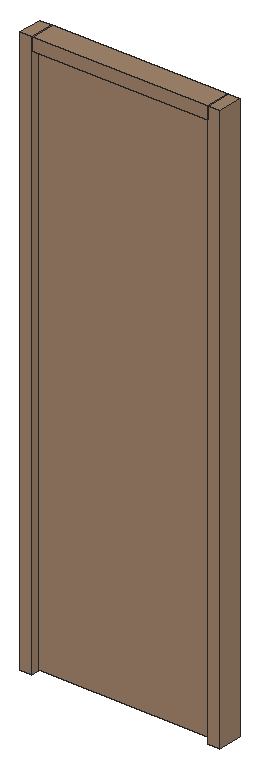
Revit family "LC Door-820x2340 - A11", category Doors, host Wall, Revit 2027
Family settings
  Host = Wall
  Always vertical = Yes
  Cut with Voids When Loaded = No
  Shared = No
  Room Calculation Point = No
Parameters (values of type "A11 nominal size")
  Function = Interior
  Frame Projection Ext. = 25 mm
  Frame Projection Int. = 25 mm
  Frame Width = 75 mm
  Height = 2340 mm  # constant formula
  Wall Closure = By host
  Width = 820 mm  # constant formula
  Description = "A07/A08 position, A11 overall sizes. Frame50x100 and glazing6mm are visual coordination profiles; manufacturer sections/glazing specification pending. Panel divisions follow schedule appearance, undimensioned divisions provisional."
Reference planes
  plane 1: y = 0
  plane 2 "Center (Left/Right)": x = 0
  plane 3 "Left": x = -410
  plane 4 "Right": x = 410
  plane 5: z = 2340
  plane 6 "Exterior": y = 75
  plane 7 "Interior": y = -75
Forms (mm)
  Extrusion 1, solid, material "LC Door timber - selected finish pending"
    sketch origin (0, 0, 0) x (1, 0, 0) y (0, 1, 0)
      loop
        line (-410, -50) -> (-360, -50) -> (-360, 50) -> (-410, 50) -> (-410, -50)
    from 0 to 2340
  Extrusion 2, solid, material "LC Door timber - selected finish pending"
    sketch origin (0, 0, 0) x (1, 0, 0) y (0, 1, 0)
      loop
        line (360, -50) -> (410, -50) -> (410, 50) -> (360, 50) -> (360, -50)
    from 0 to 2340
  Extrusion 3, solid, material "LC Door timber - selected finish pending"
    sketch origin (0, 0, 0) x (1, 0, 0) y (0, 1, 0)
      loop
        line (-360, -50) -> (360, -50) -> (360, 50) -> (-360, 50) -> (-360, -50)
    from 2290 to 2340
  Extrusion 4, solid, material "LC Door timber - selected finish pending"
    sketch origin (0, 0, 0) x (1, 0, 0) y (0, 1, 0)
      loop
        line (-358, -20) -> (358, -20) -> (358, 20) -> (-358, 20) -> (-358, -20)
    from 4 to 2290
Lines and regions (mm)
  Opening 1
    outline origin (-3050, -75, 0) x (1, 0, 0) y (0, 0, 1)
      loop
        line (2640, 0) -> (3460, 0) -> (3460, 2340) -> (2640, 2340) -> (2640, 0)
  symbolic lines, style "Elevation Swing"
    curve 1: line (410, -75, 1170) -> (-410, -75, 2340)
    curve 2: line (410, -75, 1170) -> (-410, -75, 0)
Text (mm)
  text "Exterior" at (-1376.75, 1099.543, 0), in view "Ref. Level"
  text "Exterior" at (0, 1615.38, 3698.081), in view "Left"
  text "Exterior" at (0, 1036.032, 3874.932), in view "Right"
Dimensions and locks
  equal spacing: plane 3 "Left", plane 2 "Center (Left/Right)", plane 4 "Right"
  "Width": plane 3 "Left" to plane 4 "Right"
  "Height": plane 5 to host wall
  equal spacing: host wall, curve 2, plane 5
  host wall to plane 5 = 2340 mm
  locked: plane 6 "Exterior" to host wall
  locked: plane 7 "Interior" to host wall
  aligned and locked: plane 3 "Left" to Opening 1 sketch curve
  aligned and locked: plane 5 to Opening 1 sketch curve  (x2)
  aligned and locked: Opening 1 sketch curve to plane 4 "Right"
  aligned and locked: Opening 1 sketch curve to level
  aligned and locked: plane 5 to curve 1
  aligned and locked: plane 3 "Left" to curve 2
  aligned and locked: plane 1 to host wall
  aligned and locked: plane 3 "Left" to curve 1
Automatic sketch dimensions
  plane 4 "Right" to curve 2 = 0 mm
  curve 2 to level = 0 mm
  Extrusion 1 sketch curve to plane 3 "Left" = 0 mm
  Extrusion 1 sketch curve to host wall = 25 mm  (x2)
  Extrusion 1 sketch curve to Extrusion 1 sketch curve = 50 mm
  Extrusion 2 sketch curve to plane 4 "Right" = 0 mm
  Extrusion 2 sketch curve to host wall = 25 mm  (x2)
  plane 4 "Right" to Extrusion 2 sketch curve = 50 mm
  Extrusion 3 sketch curve to host wall = 25 mm  (x2)
  Extrusion 3 sketch curve to plane 3 "Left" = 50 mm
  plane 4 "Right" to Extrusion 3 sketch curve = 50 mm
  host wall to Extrusion 4 sketch curve = 20 mm
  Extrusion 4 sketch curve to plane 3 "Left" = 52 mm
  Extrusion 4 sketch curve to host wall = 20 mm
  plane 4 "Right" to Extrusion 4 sketch curve = 52 mm
